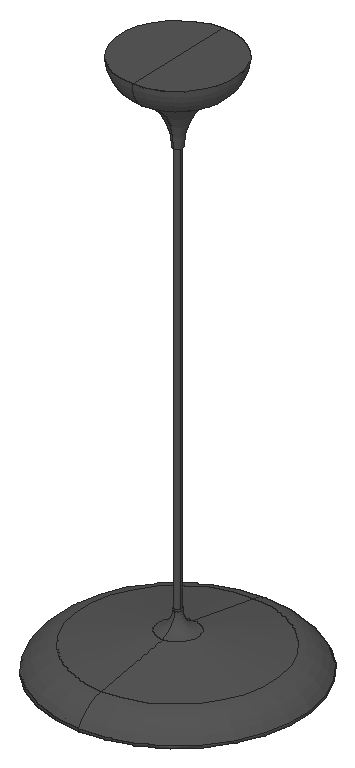
Revit family "Lighting_Pendants_Nordlux_Artist_25", category Lighting Fixtures, host Ceiling, Revit 2017
Family settings
  Host = Ceiling
  Round Connector Dimension = Use Diameter
  Part Type = Normal
  OmniClass Number = 23.80.70.11
  OmniClass Title = Luminaries for Internal Lighting
  Always vertical = Yes
  Cut with Voids When Loaded = No
  Light Source = Yes
  Shared = No
  Room Calculation Point = No
Parameters (values of type "Artist 25 - black")
  Wattage = 6.7321 W
  WarrantyStartDate [instance] = "n/a"
  WarrantyGuarantorParts = "n/a"
  WarrantyGuarantorLabor = "n/a"
  WarrantyDurationUnit = "Hours"
  WarrantyDurationParts = "n/a"
  WarrantyDurationLabor = "n/a"
  WarrantyDescription = "n/a"
  built-in parameter 1150110 = 1 (stored number, unit not read)
  VersionDate = "06/08/2019"  # constant formula
  Version = "1"  # constant formula
  UsageCurrent = 0 A
  Uniclass2015Reference = "Pr_70_70_48_62"
  Uniclass2015Description = "Pendant  luminaires"
  Uniclass2 = "Pr_70_70_49_86"
  URL = "https://www.nordlux.com/products/product/83083003"
  TotalWattage = 14 W
  built-in parameter 1114217 = 1 (stored number, unit not read)
  Tilt Angle = 90.00°
  built-in parameter 1150109 = 1 (stored number, unit not read)
  built-in parameter 1150134 = (empty or 0)
  TagNumber [instance] = "n/a"
  SustainabilityPerformance = "n/a"
  built-in parameter 1150113 = 1 (stored number, unit not read)
  Socket = "LED MODUL"
  Size = "Shade: 250x250x60 mm / Canopy: 114x114x82 mm"
  Shape = "Sculptured"
  SerialNumber [instance] = "n/a"
  Revision = "n/a"
  ReplacementCost = "n/a"
  ProductInformation = "n/a"
  Product data url = "https://www.bimobject.com/nordlux/product/artist_25_pendant_led"
  Photometric Web File = "8308 Artist 25.ies"
  PhaseReference = "n/a"
  PhaseAngle = 0.00°
  NumberOfSources = 0
  NumberOfPoles = 1
  NominalWidth = NominalDiameter  # 250 mm
  NominalVoltageCalc = 0 V
  NominalVoltage = 230 V
  NominalRadius = NominalDiameter / 2  # 125 mm
  NominalLength = NominalDiameter  # 250 mm
  NominalHeight [instance] = CableLengthControl + 60 mm  # 560 mm
  NominalFrequencyRange = 50 Hz
  NominalDiameter = 250 mm
  NominalCurrent = 0 A
  Name = "Artist_25"  # constant formula
  NBSReference = "90-60-50/405"
  NBSDescription = "General purpose luminaires"
  ModelReference = ArticleNumber  # "83083003"
  ModelNumber = "n/a"
  Model = "Artist 25 - black"
  Material = "Metal, plastic & textile"
  ManufacturersSpecificInformation = "n/a"
  ManufacturerURL = "https://www.nordlux.com/"
  ManufacturerName = "Nordlux"
  Manufacturer = "Nordlux"
  MaintenanceFactor = 0
  Lumens = 1000 lm
  LuminairePowerFactor = "0.98"
  built-in parameter 1150115 = 1 (stored number, unit not read)
  built-in parameter 1150105 = 360.88 (stored number, unit not read)
  LightSource = "Incl. 14W LED"
  LightFixtureSecondaryMaterial = Black cable
  LightFixturePlacingType = "Ceilling"
  LightFixtureMountingType = "Suspended"
  LightFixtureMainMaterial = Black
  built-in parameter 1150137 = (empty or 0)
  built-in parameter 1150139 = (empty or 0)
  LensMaterial = Glass
  built-in parameter 1150112 = 1 (stored number, unit not read)
  built-in parameter 1150114 = 1 (stored number, unit not read)
  InsulationStandardClass = "Class 2 (Double isolated)"
  InstallationDate [instance] = "n/a"
  built-in parameter 1150132 = 2
  built-in parameter 1150102 = (empty or 0)
  built-in parameter 1150138 = (empty or 0)
  built-in parameter 1150107 = 2700 (stored number, unit not read)
  built-in parameter 1150106 = 3.6088 (stored number, unit not read)
  IfcExportType = "NOTDEFINED"  # constant formula
  IfcExportAs = "IfcLightFixtureType"  # constant formula
  IP_Code = "IP20"
  HasProtectiveEarth = no
  Grade = "n/a"
  Finish = "Primary material metal, secondary material plastic, textile cable."
  Features = "Textile cable 300cm. Cable can not be replaced."
  ExpectedLife = "20.000"
  EnergyClass = "A - A++"
  Emit from Circle Diameter = 230 mm
  Emit Shape Visible in Rendering = no
  ElectricalDeviceNominalPower = 0
  built-in parameter 1150104 = 13.8 (stored number, unit not read)
  EANNumber = "5701581345485"
  DurationUnit = "Hours"
  Dimming Lamp Color Temperature Shift = <None>
  Designer = "Bonnelycke MDD"
  Description = "With its timeless design and simple shape, ARTIST is a beautiful candidate for a future classic. As the name suggests, Artist is modeled on the world of music – inspired by a drum kit cymbal."
  DefaultElevation = 0 mm
  ConvergoRefNr = "0143-1909-0001-DK"
  Constituents = "n/a"
  ColourIndexRA = "80"
  Color Filter = 16777215
  Color = "Black"
  Collection = "Artist"
  CodePerformance = "n/a"
  Category = "Indoor lighting"
  CableLengthControl [instance] = if(CableLength < 250 mm, 250 mm, if(CableLength > 3000 mm, 3000 mm, CableLength))  # 500 mm
  CableLength [instance] = 500 mm
  Brand = "Nordlux"
  Barcode [instance] = "n/a"
  built-in parameter 1114218 = 1 (stored number, unit not read)
  BIMObjectName = "Lighting_Pendants_Nordlux_Artist_25"  # constant formula
  Author = "Convergo AB"  # constant formula
  built-in parameter 1150133 = 10 (stored number, unit not read)
  AssetType = "Fixed"
  AssetIdentifier [instance] = "n/a"
  ArticleNumber = "83083003"
  AccessibilityPerformance = "n/a"
Types (4, lengths in mm): name | URL | ModelReference | Model | LightFixtureSecondaryMaterial | LightFixtureMainMaterial | EANNumber | Color | ArticleNumber
  Artist 25 - black | "https://www.nordlux.com/products/product/83083003" | "83083003" | "Artist 25 - black" | Black cable | Black | "5701581345485" | "Black" | "83083003"
  Artist 25 - grey | "https://www.nordlux.com/products/product/83083010" | "83083010" | "Artist 25 - grey" | Grey cable | Grey | "5701581301085" | "Grey" | "83083010"
  Artist 25 - copper | "https://www.nordlux.com/products/product/83083030" | "83083030" | "Artist 25 - copper" | Black cable | Copper | "5701581301184" | "Copper" | "83083030"
  Artist 25 - silver | "https://www.nordlux.com/products/product/83083054" | "83083054" | "Artist 25 - silver" | Black cable | Silver | "5701581386884" | "Silver" | "83083054"
Reference planes
  plane 1 "Light Source Axis (F/B)": y = 0
  plane 2: z = 0
  plane 3 "Light Source Axis (L/R)": x = 0
  plane 4 "Ceiling": z = 4000
  plane 5 "Light Source Elevation": z = 3442
  plane 6: z = 3500
  plane 7: z = 3440
  plane 8: x = -125
  plane 9: y = 125
  plane 10: x = 125
  plane 11: y = -125
Forms (mm)
  Extrusion 1, solid, material "Black" <- "LightFixtureMainMaterial", detail levels coarse
    sketch origin (0, 0, 3442) x (-1, 0, 0) y (0, -1, 0)
      loop
        line (124.998, -124.998) -> (124.998, 124.998) -> (-124.998, 124.998) -> (-124.998, -124.998) -> (124.998, -124.998)
    from -2 to 558
Dimensions and locks
  equal spacing: host sketch curve, plane 3 "Light Source Axis (L/R)", host sketch curve
  equal spacing: host sketch curve, plane 1 "Light Source Axis (F/B)", host sketch curve
  host sketch curve to host sketch curve = 4000 mm  (x2)
  locked: plane 4 "Ceiling" to host ceiling at 0
  "CableLengthControl": plane 6 to plane 4 "Ceiling"
  locked: plane 7 to plane 5 "Light Source Elevation" at 2
  equal spacing: plane 11, plane 1 "Light Source Axis (F/B)", plane 9
  "NominalDiameter": plane 9 to plane 11
  equal spacing: plane 8, plane 3 "Light Source Axis (L/R)", plane 10
  "NominalDiameter": plane 8 to plane 10
  "NominalHeight": plane 7 to plane 4 "Ceiling"
  aligned and locked: plane 3 "Light Source Axis (L/R)" to imposter light
  aligned and locked: plane 1 "Light Source Axis (F/B)" to imposter light
  aligned and locked: plane 5 "Light Source Elevation" to imposter light
  aligned and locked: nested 1 to plane 6
  aligned and locked: nested 2 to plane 4 "Ceiling"
  aligned and locked: Extrusion 1 to plane 4 "Ceiling"
  aligned and locked: Extrusion 1 to plane 7
Automatic sketch dimensions
  plane 3 "Light Source Axis (L/R)" to Extrusion 1 sketch curve = 124.998 mm
  Extrusion 1 sketch curve to plane 3 "Light Source Axis (L/R)" = 124.998 mm
  Extrusion 1 sketch curve to plane 1 "Light Source Axis (F/B)" = 124.998 mm
  plane 1 "Light Source Axis (F/B)" to Extrusion 1 sketch curve = 124.998 mm
Nested families
  nested 1: "Artist_25" at (0, 0, 3440), Metal <- "LightFixtureMainMaterial", Glass <- "LensMaterial", type "Artist_25"
    with Metal Black, Glass Glass
  nested 2: "Artist_Cable" at (0, 0, 4000) x (1, 0, 0) z (0, 0, -1), CableLength <- "CableLengthControl", Metal <- "LightFixtureMainMaterial", Cable <- "LightFixtureSecondaryMaterial", type "Artist_Cable"
    with Metal Black, CableLength 500 mm, Cable Black cable
Connectors
  electrical at (0, 0, 4000), driven by "NominalVoltage", driven by "NumberOfPoles"
    settings: on nested 2, index 1, voltage 230 V, apparent load 0 VA, apparent load phase1 0 VA, apparent load phase2 0 VA, apparent load phase3 0 VA, power factor 1, load classification "Other", number of poles 1, system type 31, power factor state 1, is connector primary yes, connector utility no, sub classification motor no, connector description ""
Definition of nested family "Artist_25"
  Parameters (values of type "Artist_25")
    Glass [instance] = none
    Metal [instance] = none
  Reference planes
    plane 1 "Center (Front/Back)": y = 0
    plane 2: z = 0
    plane 3 "Center (Left/Right)": x = 0
    plane 4: z = 60
    plane 5: y = 124.998
    plane 6: y = -124.998
    plane 7: x = -124.998
    plane 8: x = 124.998
    plane 9: z = 2
  Forms (mm)
    Revolve 1, solid, material <- "Metal", detail levels medium+fine
      sketch origin (0, 0, 0) x (0, 1, 0) y (0, 0, 1)
        loop
          line (0, 2) -> (122.998, 2)
          arc (122.998, 2) -> (124.703, 2.955) -> (124.78, 4.907) r 2
          arc (124.78, 4.907) -> (112.881, 19.024) -> (95.961, 26.412) r 40.599
          arc (95.961, 26.412) -> (57.797, 33.301) -> (19.583, 39.906) r 5226.636
          arc (19.583, 39.906) -> (8.239, 46.376) -> (3.75, 58.64) r 19
          line (3.75, 58.64) -> (3.75, 60) -> (0, 60) -> (0, 2)
        axis (0, 60) -> (0, 2)
      angle from 0 to 360
    Revolve 2, solid, material <- "Glass", detail levels medium+fine
      sketch origin (0, 25, 0) x (0, 1, 0) y (0, 0, 1)
        loop
          line (-25, 0) -> (88.671, 0)
          arc (88.671, 0) -> (90.085, 0.586) -> (90.671, 2) r 2
          line (90.671, 2) -> (-25, 2) -> (-25, 0)
        axis (-25, 2) -> (-25, 0)
      angle from 0 to 360
  Lines and regions (mm)
    symbolic lines, detail levels medium+fine
      curve 1: circle (0, 0, 0) r 124.998 normal (0, 0, 1)
      curve 3: arc (0, 19.299, 39.954) -> (0, 8.072, 46.409) -> (0, 3.75, 58.616) r 18.66
      curve 4: arc (0, 95.961, 26.412) -> (0, 57.655, 33.326) -> (0, 19.299, 39.954) r 5226.636
      curve 5: arc (0, 124.78, 4.907) -> (0, 112.881, 19.024) -> (0, 95.961, 26.412) r 40.599
      curve 6: arc (0, 122.998, 2) -> (0, 124.703, 2.955) -> (0, 124.78, 4.907) r 2
      curve 7: line (0, 122.998, 2) -> (0, 115.671, 2)
      curve 8: arc (0, 113.671, 0) -> (0, 115.085, 0.586) -> (0, 115.671, 2) r 2
      curve 9: line (0, 113.671, 0) -> (0, 0, 0)
      curve 11: arc (0, -19.299, 39.954) -> (0, -8.072, 46.409) -> (0, -3.75, 58.616) r 18.66
      curve 12: arc (0, -95.961, 26.412) -> (0, -57.655, 33.326) -> (0, -19.299, 39.954) r 5226.636
      curve 13: arc (0, -124.78, 4.907) -> (0, -112.881, 19.024) -> (0, -95.961, 26.412) r 40.599
      curve 14: arc (0, -122.998, 2) -> (0, -124.703, 2.955) -> (0, -124.78, 4.907) r 2
      curve 15: line (0, -122.998, 2) -> (0, -115.671, 2)
      curve 16: arc (0, -113.671, 0) -> (0, -115.085, 0.586) -> (0, -115.671, 2) r 2
      curve 17: line (0, -113.671, 0) -> (0, 0, 0)
      curve 19: arc (-19.299, 0, 39.954) -> (-57.655, 0, 33.326) -> (-95.961, 0, 26.412) r 5226.636
      curve 20: arc (-95.961, 0, 26.412) -> (-112.881, 0, 19.024) -> (-124.78, 0, 4.907) r 40.599
      curve 21: arc (-124.78, 0, 4.907) -> (-124.703, 0, 2.955) -> (-122.998, 0, 2) r 2
      curve 22: line (-122.998, 0, 2) -> (-115.671, 0, 2)
      curve 23: arc (-3.75, 0, 58.616) -> (-8.072, 0, 46.409) -> (-19.299, 0, 39.954) r 18.66
      curve 24: line (0, 0, 0) -> (-113.671, 0, 0)
      curve 25: arc (-115.671, 0, 2) -> (-115.085, 0, 0.586) -> (-113.671, 0, 0) r 2
      curve 27: arc (19.299, 0, 39.954) -> (57.655, 0, 33.326) -> (95.961, 0, 26.412) r 5226.636
      curve 28: arc (95.961, 0, 26.412) -> (112.881, 0, 19.024) -> (124.78, 0, 4.907) r 40.599
      curve 29: arc (124.78, 0, 4.907) -> (124.703, 0, 2.955) -> (122.998, 0, 2) r 2
      curve 30: line (122.998, 0, 2) -> (115.671, 0, 2)
      curve 31: arc (3.75, 0, 58.616) -> (8.072, 0, 46.409) -> (19.299, 0, 39.954) r 18.66
      curve 32: line (0, 0, 0) -> (113.671, 0, 0)
      curve 33: arc (115.671, 0, 2) -> (115.085, 0, 0.586) -> (113.671, 0, 0) r 2
      curve 37: line (0, 3.75, 58.616) -> (0, 3.75, 60)
      curve 38: line (0, -3.75, 58.616) -> (0, -3.75, 60)
      curve 39: line (0, 3.75, 60) -> (0, 3, 60)
      curve 40: line (0, -3.75, 60) -> (0, -3, 60)
      curve 43: line (-3, 0, 60) -> (-3.75, 0, 60)
      curve 44: line (3, 0, 60) -> (3.75, 0, 60)
      curve 45: line (3.75, 0, 58.616) -> (3.75, 0, 60)
      curve 46: line (-3.75, 0, 58.616) -> (-3.75, 0, 60)
    symbolic lines, detail levels fine
      curve 2: circle (0, 0, 0) r 115.671 normal (0, 0, 1)
      curve 10: line (0, 115.671, 2) -> (0, 0, 2)
      curve 18: line (0, -115.671, 2) -> (0, 0, 2)
      curve 26: line (-115.671, 0, 2) -> (0, 0, 2)
      curve 34: line (115.671, 0, 2) -> (0, 0, 2)
      curve 35: line (0, 3, 60) -> (0, 0, 60)
      curve 36: line (0, -3, 60) -> (0, 0, 60)
      curve 41: line (0, 0, 60) -> (-3, 0, 60)
      curve 42: line (0, 0, 60) -> (3, 0, 60)
  Dimensions and locks
    plane 4 to level = 60 mm
    aligned and locked: level to plane 2
Definition of nested family "Artist_Cable"
  Parameters (values of type "Artist_Cable")
    Default Elevation = 1219.2 mm
    CableLength [instance] = 250 mm
    Cable [instance] = none
    Metal [instance] = none
  Reference planes
    plane 1 "Center (Front/Back)": y = 0
    plane 2: z = 0
    plane 3 "Center (Left/Right)": x = 0
  Forms (mm)
    Revolve 1, solid, material <- "Metal", detail levels medium+fine
      sketch origin (0, 0, 0) x (0, 1, 0) y (0, 0, 1)
        loop
          line (4.673, 81.85) -> (0, 81.85) -> (0, 0) -> (57.493, 0)
          arc (57.493, 0) -> (52.513, 16.914) -> (39.163, 28.433) r 31.217
          arc (39.163, 28.433) -> (14.066, 50.071) -> (4.673, 81.85) r 58.741
        axis (0, 81.85) -> (0, 0)
      angle from 0 to 360
    Extrusion 2, solid, material <- "Cable", detail levels medium+fine
      sketch origin (0, 0, 0) x (1, 0, 0) y (0, 1, 0)
        loop
          circle (0, 0) r 3
      from 81.85 to 250 <- "CableLength"
  Lines and regions (mm)
    symbolic lines, detail levels medium+fine
      curve 1: line (0, 57.493, 0) -> (0, 0, 0)
      curve 2: arc (0, 57.493, 0) -> (0, 52.513, 16.914) -> (0, 39.163, 28.433) r 31.217
      curve 3: arc (0, 39.163, 28.433) -> (0, 14.066, 50.071) -> (0, 4.673, 81.85) r 58.741
      curve 4: line (0, 4.673, 81.85) -> (0, 3, 81.85)
      curve 5: line (0, 3, 250) -> (0, 3, 81.85)
      curve 7: line (0, -57.493, 0) -> (0, 0, 0)
      curve 8: arc (0, -57.493, 0) -> (0, -52.513, 16.914) -> (0, -39.163, 28.433) r 31.217
      curve 9: arc (0, -39.163, 28.433) -> (0, -14.066, 50.071) -> (0, -4.673, 81.85) r 58.741
      curve 10: line (0, -4.673, 81.85) -> (0, -3, 81.85)
      curve 11: line (0, -3, 250) -> (0, -3, 81.85)
      curve 13: arc (-39.163, 0, 28.433) -> (-52.513, 0, 16.914) -> (-57.493, 0, 0) r 31.217
      curve 14: line (0, 0, 0) -> (-57.493, 0, 0)
      curve 15: arc (-4.673, 0, 81.85) -> (-14.066, 0, 50.071) -> (-39.163, 0, 28.433) r 58.741
      curve 16: line (-3, 0, 81.85) -> (-4.673, 0, 81.85)
      curve 18: line (-3, 0, 81.85) -> (-3, 0, 250)
      curve 19: arc (39.163, 0, 28.433) -> (52.513, 0, 16.914) -> (57.493, 0, 0) r 31.217
      curve 20: line (0, 0, 0) -> (57.493, 0, 0)
      curve 21: arc (4.673, 0, 81.85) -> (14.066, 0, 50.071) -> (39.163, 0, 28.433) r 58.741
      curve 22: line (3, 0, 81.85) -> (4.673, 0, 81.85)
      curve 24: line (3, 0, 81.85) -> (3, 0, 250)
    symbolic lines, detail levels fine
      curve 6: line (0, 3, 81.85) -> (0, 0, 81.85)
      curve 12: line (0, -3, 81.85) -> (0, 0, 81.85)
      curve 17: line (-3, 0, 81.85) -> (0, 0, 81.85)
      curve 23: line (3, 0, 81.85) -> (0, 0, 81.85)
  Dimensions and locks
    aligned and locked: level to plane 2
    aligned and locked: Extrusion 2 to curve 5
    aligned and locked: curve 11 to Extrusion 2
    aligned and locked: Extrusion 2 to curve 18
    aligned and locked: curve 24 to Extrusion 2
